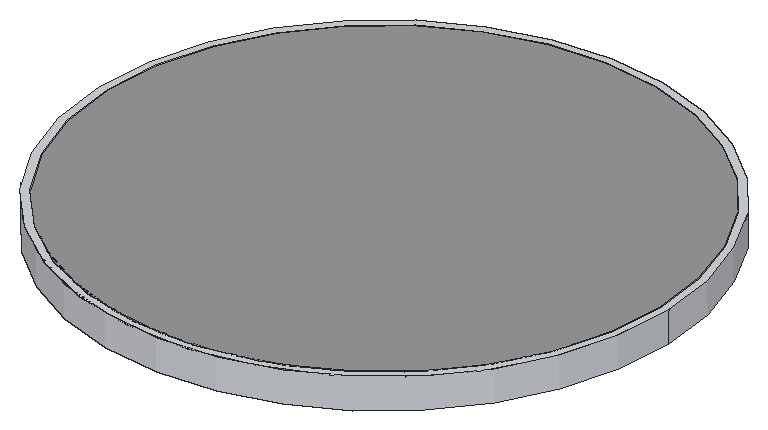
Revit family "2071323", category Lighting Fixtures, host Face, Revit 2018
Family settings
  Host = Face
  Round Connector Dimension = Use Diameter
  Part Type = Junction Box
  OmniClass Number = 23.80.70.00
  OmniClass Title = Lighting
  Cut with Voids When Loaded = No
  Light Source = Yes
  Shared = No
  Room Calculation Point = No
Parameters (values of type "2071323 COLOSSAL 1200 940 OP DIR+H WHT SSA02")
  iner diameter = 1168 mm
  Weight = "n/a"
  Wattage Comments = ""
  Wattage = 30 W
  WarrantyStartDate [instance] = "n/a"
  WarrantyGuarantorParts = "n/a"
  WarrantyDurationUnit = "n/a"
  WarrantyDurationParts = ""
  WarrantyDescription = "http://www.sylvania-lighting.com"
  built-in parameter 1150110 = 1 (stored number, unit not read)
  Voltage = 230 V
  URL = "0.95"
  TypeName = "COLOSSAL 1200mm 940 OPAL DIR+HAL WHITE SSA02"
  Type Image = <None>
  Type Comments = "n/a"
  built-in parameter 1114217 = 1 (stored number, unit not read)
  Tilt Angle = -90.00°
  built-in parameter 1150109 = 1 (stored number, unit not read)
  built-in parameter 1150134 = (empty or 0)
  built-in parameter 1150113 = 1 (stored number, unit not read)
  SerialNumber [instance] = "n/a"
  Photometric Web File = "2071323.ies"
  Material_3_SYL = LED-Sylvania
  PowerFactor = 0
  PowerConsumption = "Lighting"
  NominalLength = 1168 mm
  NominalHeight = 93 mm
  NominalDepth = 1168 mm
  Name = "COLOSSAL 1200mm 940 OPAL DIR+HAL WHITE SSA02"
  ModelReference = Name  # "COLOSSAL 1200mm 940 OPAL DIR+HAL WHITE SSA02"
  ModelNumber = "2071323"
  Model = Name  # "COLOSSAL 1200mm 940 OPAL DIR+HAL WHITE SSA02"
  Material = "Feilo Sylvania"
  ManufacturerName = "123 lm/W"
  Manufacturer = ""
  LuminousEfficacy = ""
  built-in parameter 1150105 = 270.44 (stored number, unit not read)
  Lumens = 3398.4 lm
  LuminaireType = "0"
  built-in parameter 1150115 = 1 (stored number, unit not read)
  LightOutputRatio = "LED"
  built-in parameter 1150137 = (empty or 0)
  built-in parameter 1150139 = (empty or 0)
  LampsType = Lamp  # "n/a"
  LampNominalLuminous = "4000 K"
  LampMacAdamStep = "90"
  LampColourTemperature = "LED"
  LampColourRenderingIndex = "16500"
  built-in parameter 1150112 = 1 (stored number, unit not read)
  built-in parameter 1150114 = 1 (stored number, unit not read)
  Lamp = "n/a"
  Keynote = "n/a"
  InstallationDate [instance] = "n/a"
  InputVoltage = "0"
  InputNominalFrequency = "4000"
  built-in parameter 1150132 = (empty or 0)
  built-in parameter 1150102 = (empty or 0)
  built-in parameter 1150107 = 3000 (stored number, unit not read)
  built-in parameter 1150138 = (empty or 0)
  IngressProtection = "IfcLightFixtureType"
  ImpactProtectionIndex = "IfcLightFixtureType"
  built-in parameter 1150106 = 2.7044 (stored number, unit not read)
  IfcExportType = "IfcLightFixtureType"
  IfcExportAs = "Class I"
  Emit from Circle Diameter = 385 mm
  Emit Shape Visible in Rendering = no
  ElectricShockClassification = "123"
  built-in parameter 1150104 = 10.524 (stored number, unit not read)
  DocumentationLiterature = "http://www.sylvania-lighting.com/product/en-int/products/2071323"
  DimmingControlOptions = "n/a"
  Material_2_SYL = Polycarbonate_Sylvania_White
  Dimming Lamp Color Temperature Shift = <None>
  Description = "1200mm diameter circular architectural luminaire, can be surface mounted or suspended. Powder coated aluminium housing (RAL9016) with polycarbonate opal diffuser. Direct/indirect (halo) light distribution, 18885lm luminuous flux, 153.6W system power, 123lm/W luminiaire efficacy. Sylsmart Connected enabled. Colour rendering index Ra >90, 4000K Neutral White LED, chromaticity tolerance of 3-step MacAdam ellipse. IP40/IP20, IK03. 450mA drive current. Electrical protection Class1, 220-240V. Reported lifetime 66k hours L90B10."
  Default Elevation = 1219.2 mm
  CreatedOn = "23/03/2022"
  CreatedBy = "@sylvania-lighting.com"
  Cost = 0
  Color Filter = 16777215
  built-in parameter 1114216 [instance] = (empty or 0)
  ClassificationValue = "EF_70_80"
  ClassificationName = "Uniclass2015"
  Material_1_SYL = Polycarbonate_Sylvania_Opal
  BarCode [instance] = "n/a"
  built-in parameter 1114218 = 1 (stored number, unit not read)
  built-in parameter 1150133 = 10 (stored number, unit not read)
  AssetType = "Fixed"
  AssetIdentifier [instance] = "n/a"
  Assembly Code = "D5020200"
  Apparent Load = 153.6 VA
  Material_4_SYL = none
Reference planes
  plane 1 "Center (Front/Back)": y = 0
  plane 2: z = 0
  plane 3 "Center (Left/Right)": x = 0
  plane 4: z = 1.161
  plane 5: z = 16.161
  plane 6: y = 584
  plane 7: y = -584
  plane 8: x = 85
  plane 9: x = -85
  plane 10: through (0, 0, 1219.2) normal (0.5, 0.866, 0)
  plane 11: through (42.5, 73.612, 1219.2) normal (0.5, 0.866, 0)
  plane 12: through (-42.5, -73.612, 1219.2) normal (0.5, 0.866, 0)
  plane 13: through (0, 0, 1219.2) normal (0.5, -0.866, 0)
  plane 14: through (-42.5, 73.612, 1219.2) normal (0.5, -0.866, 0)
  plane 15: through (42.5, -73.612, 1219.2) normal (0.5, -0.866, 0)
  plane 16: z = 93
  plane 17: y = 584
  plane 18: y = -584
  plane 19: y = -429
  plane 20: x = -584
  plane 21: x = 584
Forms (mm)
  Extrusion 1, solid, detail levels medium+fine
    sketch origin (0, 0, 0) x (0.866025, -0.5, 0) y (0.5, 0.866025, 0)
      loop
        circle (-50, 86.603) r 22
    from 0 to 2
  Extrusion 2, solid, detail levels medium+fine
    sketch origin (0, 0, 0) x (0.866025, -0.5, 0) y (0.5, 0.866025, 0)
      loop
        circle (100, 0) r 22
      loop
        circle (-50, -86.603) r 22
    from 0 to 2
  Extrusion 3, solid, detail levels medium+fine
    sketch origin (0, 0, 0) x (1, 0, 0) y (0, 1, 0)
      loop
        circle (0, 0) r 584
    from 30 to 93
  Extrusion 4, void
    sketch origin (0, 0, 0) x (1, 0, 0) y (0, 1, 0)
      loop
        circle (0, 0) r 568
    from 96.588 to 37.292
  Extrusion 5, solid, material "Glass, White, High Luminance", detail levels fine
    sketch origin (0, 0, 0) x (1, 0, 0) y (0, 1, 0)
      loop
        circle (0, 0) r 568
    from 88.022 to 93
  Extrusion 6, solid, detail levels coarse
    sketch origin (0, 0, 0) x (1, 0, 0) y (0, 1, 0)
      loop
        line (-584, 584) -> (-584, -584) -> (584, -584) -> (584, 584) -> (-584, 584)
    from 0 to 93
  Blend 7, solid, detail levels medium+fine
    base sketch origin (-10.814, 11.299, 29.922) x (1, 0, 0) y (0, 1, 0)
      loop
        line (-402.654, -330.622) -> (397.346, -330.622) -> (482.346, -183.398) -> (82.346, 509.423) -> (-87.654, 509.423) -> (-487.654, -183.398) -> (-402.654, -330.622)
    top sketch origin (-10.814, 11.299, 29.922) x (1, 0, 0) y (0, 1, 0)
      loop
        line (-363.391, -306.496) -> (364.632, -306.496) -> (449.632, -159.272) -> (87.132, 468.597) -> (-82.868, 468.597) -> (-445.368, -159.272) -> (-363.391, -306.496)
    from 0 to -30
Cuts and joins
  Extrusion 4 cuts Extrusion 1
  Extrusion 4 cuts Extrusion 2
  Extrusion 4 cuts Extrusion 3
Lines and regions (mm)
  model lines, detail levels medium+fine
    curve 1: circle (0, 0, 0) r 155 normal (0, 0, 1)
  reference lines
    curve 2: circle (0, 0, 0) r 489 normal (0, 0, 1)
    curve 3: circle (0, 0, 0) r 521 normal (0, 0, 1)
    curve 4: line (0, 0, 0) -> (606.218, -350, 0)
    curve 5: line (0, 0, 0) -> (0, 825, 0)
    curve 6: line (0, 0, 0) -> (-623.538, -360, 0)
    curve 7: line (639.013, -270.785, 0) -> (85, 49.075, 0)
    curve 8: line (563.718, -423.612, 0) -> (0, -98.15, 0)
    curve 9: line (85, 49.075, 0) -> (85, 825, 0)
    curve 10: line (-85, 49.075, 0) -> (-85, 825, 0)
    curve 11: line (-85, 49.075, 0) -> (-666.038, -286.388, 0)
    curve 12: line (-581.038, -433.612, 0) -> (0, -98.15, 0)
Dimensions and locks
  plane 4 to level = 1.161 mm
  locked: plane 5 to plane 4 at 15
  "NominalDepth": plane 6 to plane 7
  plane 6 to plane 1 "Center (Front/Back)" to plane 7 = 584 mm, 584 mm
  "NominalHeight": level to plane 16
  equal spacing: plane 17, plane 1 "Center (Front/Back)", plane 18
  "NominalLength": plane 20 to plane 21
  equal spacing: plane 20, plane 3 "Center (Left/Right)", plane 21
  aligned and locked: plane 2 to host face
  aligned and locked: level to host face
  aligned and locked: plane 6 to Extrusion 6
Automatic sketch dimensions
  host sketch curve to host sketch curve = 2438.4 mm  (x2)
  Extrusion 1 sketch curve to plane 3 "Center (Left/Right)" = 0 mm
  Extrusion 1 sketch curve to plane 1 "Center (Front/Back)" = 100 mm
  plane 1 "Center (Front/Back)" to Extrusion 2 sketch curve = 50 mm
  Extrusion 2 sketch curve to plane 3 "Center (Left/Right)" = 86.603 mm
  Extrusion 2 sketch curve to Extrusion 2 sketch curve = 150 mm
  Extrusion 2 sketch curve to Extrusion 2 sketch curve = 86.603 mm
  plane 1 "Center (Front/Back)" to curve 1 = 0 mm
  curve 1 to plane 3 "Center (Left/Right)" = 0 mm
  plane 1 "Center (Front/Back)" to Extrusion 3 sketch curve = 0 mm
  Extrusion 3 sketch curve to plane 3 "Center (Left/Right)" = 0 mm
  plane 1 "Center (Front/Back)" to Extrusion 4 sketch curve = 0 mm
  Extrusion 4 sketch curve to plane 3 "Center (Left/Right)" = 0 mm
  plane 1 "Center (Front/Back)" to Extrusion 5 sketch curve = 0 mm
  Extrusion 5 sketch curve to plane 3 "Center (Left/Right)" = 0 mm
  curve 2 to curve 3 = 0 mm  (x2)
  curve 11 to plane 14 = 0 mm
  curve 6 to plane 13 = 0 mm
  curve 12 to plane 15 = 0 mm
  curve 10 to plane 9 = 0 mm
  curve 12 to plane 3 "Center (Left/Right)" = 0 mm
  plane 1 "Center (Front/Back)" to curve 3 = 0 mm
  curve 3 to plane 3 "Center (Left/Right)" = 0 mm
  curve 7 to plane 8 = 0 mm
  curve 11 to plane 10 = 0 mm
  curve 12 to plane 19 = 4.612 mm
  plane 19 to curve 6 = 69 mm
  plane 19 to curve 11 = 142.612 mm
  plane 19 to curve 8 = 5.388 mm
  plane 19 to curve 4 = 79 mm
  plane 19 to curve 7 = 158.215 mm
  plane 6 to curve 5 = 241 mm
  curve 10 to curve 5 = 0 mm
  curve 5 to curve 9 = 0 mm
  plane 1 "Center (Front/Back)" to curve 6 = 0 mm
  curve 6 to plane 3 "Center (Left/Right)" = 0 mm
  Extrusion 6 sketch curve to plane 7 = 0 mm
  Extrusion 6 sketch curve to plane 6 = 0 mm
  Blend 7 sketch curve to plane 6 = 756.098 mm  (x2)
  Blend 7 sketch curve to Blend 7 sketch curve = 85 mm
  plane 3 "Center (Left/Right)" to Blend 7 sketch curve = 386.532 mm
  plane 8 to Blend 7 sketch curve = 386.532 mm
  Blend 7 sketch curve to plane 6 = 63.278 mm
  Blend 7 sketch curve to plane 6 = 731.972 mm  (x2)
  Blend 7 sketch curve to Blend 7 sketch curve = 81.977 mm
  plane 3 "Center (Left/Right)" to Blend 7 sketch curve = 353.818 mm
  plane 8 to Blend 7 sketch curve = 353.818 mm
  Blend 7 sketch curve to plane 6 = 104.104 mm
  plane 12 to curve 8 = 0 mm
  plane 19 to Blend 7 sketch curve = 109.677 mm
  plane 19 to Blend 7 sketch curve = 133.803 mm
  plane 8 to Extrusion 6 sketch curve = 499 mm
  Extrusion 6 sketch curve to plane 9 = 499 mm
  Blend 7 sketch curve to plane 8 = 13.468 mm
  Blend 7 sketch curve to plane 9 = 13.468 mm
  Blend 7 sketch curve to plane 9 = 328.468 mm
  Blend 7 sketch curve to plane 8 = 8.682 mm
  Blend 7 sketch curve to plane 9 = 8.682 mm
  Blend 7 sketch curve to plane 9 = 289.205 mm
  plane 10 to curve 4 = 0 mm
  plane 11 to curve 7 = 0 mm
  curve 12 to plane 12 = 0 mm
  curve 9 to plane 11 = 0 mm
  radius of Extrusion 1 sketch curve = 22 mm
  radius of Extrusion 2 sketch curve = 22 mm  (x2)
  radius of curve 1 = 155 mm
  radius of Extrusion 3 sketch curve = 584 mm
  radius of Extrusion 4 sketch curve = 568 mm
  radius of Extrusion 5 sketch curve = 568 mm
  radius of curve 2 = 489 mm
  radius of curve 3 = 521 mm
Connectors
  electrical at (0, 0, 30)
    settings: on cut or joined group of Extrusion 3, Extrusion 4, index 1, voltage 0 V, apparent load 0 VA, apparent load phase1 0 VA, apparent load phase2 0 VA, apparent load phase3 0 VA, power factor 1, load classification "Other", number of poles 1, system type 31, power factor state 1, is connector primary yes, connector utility no, sub classification motor no, connector description ""
